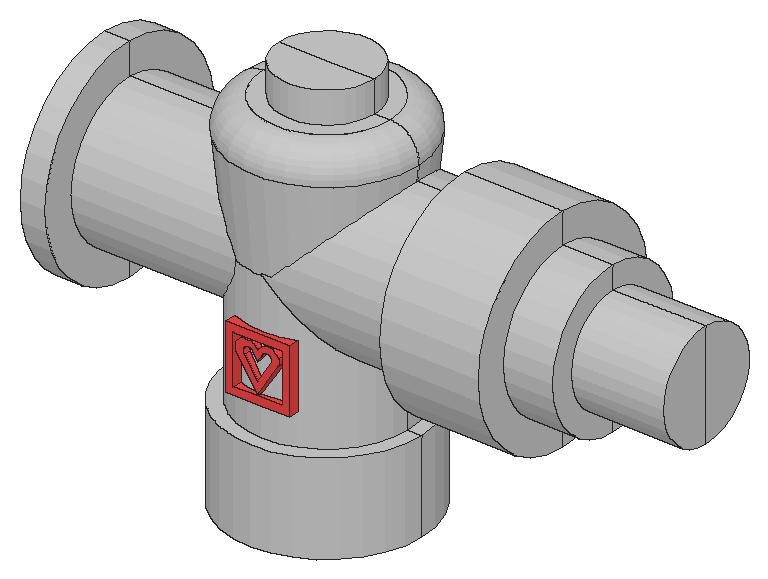
Revit family "Термостатический клапан HERZ-TS-98-VH М 30х1,5 с плавной, открытой преднастройкой, угловой, осевой специальный 7628", category Rohrzubehör, Revit 2021
Family settings
  Bemaßung runder Anschluss = Durchmesser verwenden
  Teiletyp = Unterbricht
  OmniClass-Nummer = 23.65.55.14
  OmniClass-Titel = Valves for Liquid Services
  Arbeitsebenenbasiert = Nein
  Immer vertikal = Ja
  Beim Laden mit Abzugskörper schneiden = Nein
  Gemeinsam genutzt = Nein
Parameters
  Среда = "Качество воды в соответствии с ÖNORM H 5195 или директивой VDI 2035."
  Соединительная резьба для термостатической головки = "M30x1.5"  # constant formula
  Область применения = "Системы водяного отопления, в которых гидравлическая балансировка с помощью запорных клапанов для отключения радиаторов невозможна или нежелательна."
  Номер заказа = 1762826  # constant formula
  Макс. рабочее давление = 1000000.0 Pa  # constant formula
  Макс. рабочая температура = 120 °C  # constant formula
  Корпус = "Никелированная латунь"  # constant formula
  Исполнение = "Все модели поставляются в никелированном исполнении со светло-серым защитным колпачком."
  Защитный колпачок = "Пластик, светло-серый"  # constant formula
  Vorgabe-Ansicht = 0.000 mm
  URL = "www.herz-armaturen.ru"
  SCRNSEQ = "ARM;ARM_TYP=\"ALLF\";2"
  SCRNCODE = "05;00;02"  # constant formula
  S02 = L06 + L07 - L03  # 26.800 mm
  S01 = 10.000 mm  # constant formula
  R06 = 4.000 mm  # constant formula
  R05 = 13.500 mm  # constant formula
  R04 = 11.500 mm  # constant formula
  R03 = 9.000 mm  # constant formula
  R02 = 6.750 mm  # constant formula
  R01 = 7.000 mm  # constant formula
  Nennweite = 15.000 mm  # constant formula
  LO1 = 16.000 mm  # constant formula
  L11 = L01 - L05  # 28.000 mm
  L10 = 7.500 mm  # constant formula
  L09 = 19.500 mm  # constant formula
  L08 = 13.200 mm  # constant formula
  L07 = 20.300 mm  # constant formula
  L06 = 14.000 mm  # constant formula
  L05 = 3.500 mm  # constant formula
  L04 = 28.000 mm  # constant formula
  L03 = 7.500 mm  # constant formula
  L02 = 27.000 mm  # constant formula
  L01 = 31.500 mm  # constant formula
  Hersteller = "HERZ Armaturen Ges.m.b.H."  # constant formula
  H04 = 12.900 mm  # constant formula
  H03 = 4.400 mm  # constant formula
  H02 = 22.350 mm  # constant formula
  H01 = 33.500 mm  # constant formula
  GT = 9.500 mm  # constant formula
  G2 = Nennweite / 2  # 7.500 mm
  G1 = Nennweite / 2  # 7.500 mm
  D08 = 5.300 mm  # constant formula
  D07 = 17.100 mm  # constant formula
  D06 = 10.650 mm  # constant formula
  D05 = 15.000 mm  # constant formula
  D04 = 9.525 mm  # constant formula
  D03 = 11.500 mm  # constant formula
  D02 = 10.500 mm  # constant formula
  D01 = 15.000 mm  # constant formula
Reference planes
  plane 1 "Mitte (Vorne/hinten)": y = 0
  plane 2: z = 0
  plane 3 "Mitte (Links/rechts)": x = 0
Forms (mm)
  Revolve 1, solid, material "Messing, weicher Gelbton, geschweißt", detail levels fine
    sketch origin (0, 0, 0) x (1, 0, 0) y (0, 0, 1)
      loop
        line (27, 0) -> (27, 9.525) -> (19.5, 9.525) -> (19.5, 11.5) -> (0, 11.5) -> (0, 10.5) -> (-28, 10.5) -> (-28, 15) -> (-31.5, 15) -> (-31.5, 0) -> (27, 0)
      axis (-31.5, 0) -> (27, 0)
    angle from 0 to 360
  Revolve 2, solid, material "Messing, weicher Gelbton, geschweißt", detail levels fine
    sketch origin (0, 0, 0) x (1, 0, 0) y (0, 0, 1)
      loop
        line (27, 0) -> (53.8, 0) -> (53.8, 7.5) -> (40.6, 7.5) -> (40.6, 10.65) -> (33.5, 10.65) -> (33.5, 15) -> (19.5, 15) -> (19.5, 9.525) -> (27, 9.525) -> (27, 0)
      axis (19.5, 0) -> (53.8, 0)
    angle from 0 to 360
  Revolve 3, solid, material "Messing, weicher Gelbton, geschweißt", detail levels fine
    sketch origin (0, 0, 0) x (1, 0, 0) y (0, 0, 1)
      loop
        line (0, 22.35) -> (0, -24) -> (7.5, -24) -> (7.5, -33.5) -> (13.5, -33.5) -> (13.5, -20.6) -> (11.5, -20.6) -> (11.5, 0) -> (12.969, 13.456)
        arc (12.969, 13.456) -> (11.998, 16.598) -> (9, 17.95) r 4
        line (9, 17.95) -> (6.75, 17.95) -> (6.75, 22.35) -> (0, 22.35)
      axis (0, 22.35) -> (0, -33.5)
    angle from 0 to 360
Lines and regions (mm)
  model lines, detail levels coarse+medium
    curve 1: line (0, 0, 0) -> (-13.5, 0, -33.5)
    curve 2: line (-13.5, 0, -33.5) -> (13.5, 0, -33.5)
    curve 3: line (13.5, 0, -33.5) -> (0, 0, 0)
    curve 4: line (0, 0, 0) -> (27, 0, 15)
    curve 5: line (27, 0, 15) -> (27, 0, -15)
    curve 6: line (27, 0, -15) -> (0, 0, 0)
    curve 7: line (0, 0, 0) -> (-31.5, 0, 0)
    curve 8: line (27, 0, 15) -> (37, 0, 15)
    curve 9: line (37, 0, 15) -> (27, 0, 0)
    curve 10: line (27, 0, -15) -> (37, 0, -15)
    curve 11: line (37, 0, -15) -> (27, 0, 0)
    curve 12: line (27, 0, 0) -> (53.8, 0, 0)
    curve 13: line (0, 0, 0) -> (-13.5, -33.5, 0)
    curve 14: line (-13.5, -33.5, 0) -> (13.5, -33.5, 0)
    curve 15: line (13.5, -33.5, 0) -> (0, 0, 0)
    curve 16: line (0, 0, 0) -> (27, 15, 0)
    curve 17: line (27, 15, 0) -> (27, -15, 0)
    curve 18: line (27, -15, 0) -> (0, 0, 0)
    curve 19: line (27, 15, 0) -> (37, 15, 0)
    curve 20: line (37, 15, 0) -> (27, 0, 0)
    curve 21: line (27, -15, 0) -> (37, -15, 0)
    curve 22: line (37, -15, 0) -> (27, 0, 0)
Dimensions and locks
  "D01": Revolve 1 sketch curve to Revolve 1 sketch curve
  "L05": Revolve 1 sketch curve to Revolve 1 sketch curve
  "D02": Revolve 1 sketch curve to Revolve 1 sketch curve
  "L01": plane 3 "Mitte (Links/rechts)" to Revolve 1 sketch curve
  "L02": plane 3 "Mitte (Links/rechts)" to Revolve 1 sketch curve
  "D03": Revolve 1 sketch curve to Revolve 1 sketch curve
  "D04": Revolve 1 sketch curve to Revolve 1 sketch curve
  "L04": Revolve 1 sketch curve to Revolve 1 sketch curve
  "L03": Revolve 1 sketch curve to Revolve 1 sketch curve
  "L06": Revolve 2 sketch curve to Revolve 2 sketch curve
  "L03": Revolve 2 sketch curve to Revolve 1
  "L02": Revolve 2 sketch curve to plane 3 "Mitte (Links/rechts)"
  "L07": Revolve 2 sketch curve to Revolve 2 sketch curve
  "L08": Revolve 2 sketch curve to Revolve 2 sketch curve
  "D04": Revolve 2 sketch curve to Revolve 2 sketch curve
  "D05": Revolve 2 sketch curve to Revolve 2 sketch curve
  "G2": Revolve 2 sketch curve to Revolve 2 sketch curve
  "D06": Revolve 2 sketch curve to Revolve 2 sketch curve
  "H01": plane 2 to Revolve 3 sketch curve
  "H02": Revolve 3 sketch curve to plane 2
  "R02": Revolve 3 sketch curve to Revolve 3 sketch curve
  "H03": Revolve 3 sketch curve to Revolve 3 sketch curve
  "H04": Revolve 3 sketch curve to Revolve 3 sketch curve
  "R05": Revolve 3 sketch curve to Revolve 3 sketch curve
  "R04": Revolve 3 sketch curve to Revolve 3 sketch curve
  "R03": Revolve 3 sketch curve to plane 3 "Mitte (Links/rechts)"
  "GT": Revolve 3 sketch curve to Revolve 3 sketch curve
  "G1": Revolve 3 sketch curve to Revolve 3 sketch curve
  "H01": plane 2 to curve 2
  "R05": curve 3 to plane 3 "Mitte (Links/rechts)" to curve 2
  "L02": curve 5 to plane 3 "Mitte (Links/rechts)"
  "D05": curve 8 to plane 2 to curve 10
  "S01": curve 5 to curve 9
  "S02": curve 12 to curve 12
  "L01": curve 7 to curve 7
  "H01": curve 14 to plane 1 "Mitte (Vorne/hinten)"
  "R05": curve 14 to plane 3 "Mitte (Links/rechts)" to curve 15
  "L02": plane 3 "Mitte (Links/rechts)" to curve 17
  "S01": curve 17 to curve 20
  "S01": curve 5 to curve 11
  "S01": curve 17 to curve 22
  "D05": curve 21 to plane 1 "Mitte (Vorne/hinten)" to curve 19
  "R04": nested 1 to plane 1 "Mitte (Vorne/hinten)"
  "LO1": plane 2 to nested 1
  "R06": radius of Revolve 3 sketch curve
  aligned and locked: level to plane 2
Automatic sketch dimensions
  curve 7 to level = 0.000 mm
  curve 1 to plane 3 "Mitte (Links/rechts)" = 0.000 mm
  curve 11 to level = 0.000 mm
  plane 1 "Mitte (Vorne/hinten)" to curve 13 = 0.000 mm
  curve 13 to plane 3 "Mitte (Links/rechts)" = 0.000 mm
  plane 1 "Mitte (Vorne/hinten)" to curve 20 = 0.000 mm
  Revolve 1 sketch curve to level = 0.000 mm  (x2)
  Revolve 1 sketch curve to Revolve 1 sketch curve = 1475.030 mm
  Revolve 1 sketch curve to Revolve 1 sketch curve = 1812.148 mm
  Revolve 2 sketch curve to level = 0.000 mm  (x2)
  Revolve 2 sketch curve to plane 3 "Mitte (Links/rechts)" = 1506.530 mm
  Revolve 2 sketch curve to Revolve 2 sketch curve = 1785.348 mm
  Revolve 3 sketch curve to plane 3 "Mitte (Links/rechts)" = 0.000 mm  (x2)
  Revolve 3 sketch curve to level = 0.000 mm
  Revolve 3 sketch curve to Revolve 3 sketch curve = 3.969 mm
  Revolve 3 sketch curve to Revolve 3 sketch curve = 332.545 mm
  Revolve 3 sketch curve to Revolve 3 sketch curve = 2191.965 mm
Nested families
  nested 1: "Herz-Logo-vorne" at (0, -11.5, -11.5) x (0, 1, 0) z (0, 0, 1), type "Herz-Logo-vorne"
Connectors
  piping at (53.8, 0, 0), diameter 15, driven by "Nennweite"
    settings: on Revolve 2, index 1, connector inside diameter 609.6 mm, connector length 0.000 mm, flow factor 0, pipe flow 0.0 L/s, pressure drop 0.0 Pa, fitting loss kfactor 0, connector angle 0.00°, fixture units 0, engagement length 0.000 mm, angle of deflection 0.00°, flow configuration 0, flow direction 2, fitting loss method 0, system type 7, joint type 0, gender type 0, connector reference index -1, connector utility 0, adjustable connector no, is connector primary yes, connector description ""
  piping at (0, 0, -24), diameter 15, driven by "Nennweite"
    settings: on Revolve 3, index 5, connector inside diameter 609.6 mm, connector length 0.000 mm, flow factor 0, pipe flow 0.0 L/s, pressure drop 0.0 Pa, fitting loss kfactor 0, connector angle 0.00°, fixture units 0, engagement length 0.000 mm, angle of deflection 0.00°, flow configuration 0, flow direction 1, fitting loss method 0, system type 7, joint type 0, gender type 0, connector reference index -1, connector utility 0, adjustable connector no, is connector primary no, connector description ""
Definition of nested family "Herz-Logo-vorne"
  Parameters (values of type "Herz-Logo-vorne")
    Default Elevation = 0.000 mm
  Reference planes
    plane 1 "Mitte (Vorne/hinten)": y = 0
    plane 2: z = 0
    plane 3 "Mitte (Links/rechts)": x = 0
  Forms (mm)
    Extrusion 1, solid
      sketch origin (0.732, -0.018, 0.017) x (0, -1, 0) y (0, 0, 1)
        loop
          line (-0.018, -4.517) -> (4.482, -4.517) -> (4.482, 4.483) -> (-4.518, 4.483) -> (-4.518, -4.517) -> (-0.018, -4.517)
        loop
          line (-0.05, -3.48) -> (3.482, -3.48) -> (3.482, 3.483) -> (-3.518, 3.483) -> (-3.518, -3.48) -> (-0.05, -3.48)
        loop
          arc (-0.018, 2.383) -> (-1.543, 3.287) -> (-3.067, 2.383) r 1.738
          arc (-3.067, 2.383) -> (-3.191, 1.899) -> (-3.067, 1.415) r 1.009
          line (-3.067, 1.415) -> (-0.018, -3.281) -> (3.032, 1.415)
          arc (3.032, 1.415) -> (3.156, 1.899) -> (3.032, 2.383) r 1.009
          arc (3.032, 2.383) -> (1.507, 3.287) -> (-0.018, 2.383) r 1.738
        loop
          arc (1.885, 1.272) -> (2.005, 1.675) -> (1.885, 2.079) r 0.74
          arc (1.885, 2.079) -> (1.265, 2.416) -> (0.644, 2.079) r 0.74
          line (0.644, 2.079) -> (-0.018, 0.97) -> (-0.679, 2.079)
          arc (-0.679, 2.079) -> (-1.3, 2.416) -> (-1.921, 2.079) r 0.74
          arc (-1.921, 2.079) -> (-2.04, 1.675) -> (-1.921, 1.272) r 0.74
          line (-1.921, 1.272) -> (-0.018, -1.658) -> (1.885, 1.272)
      from 0 to 1.5
  Dimensions and locks
    aligned and locked: level to plane 2
